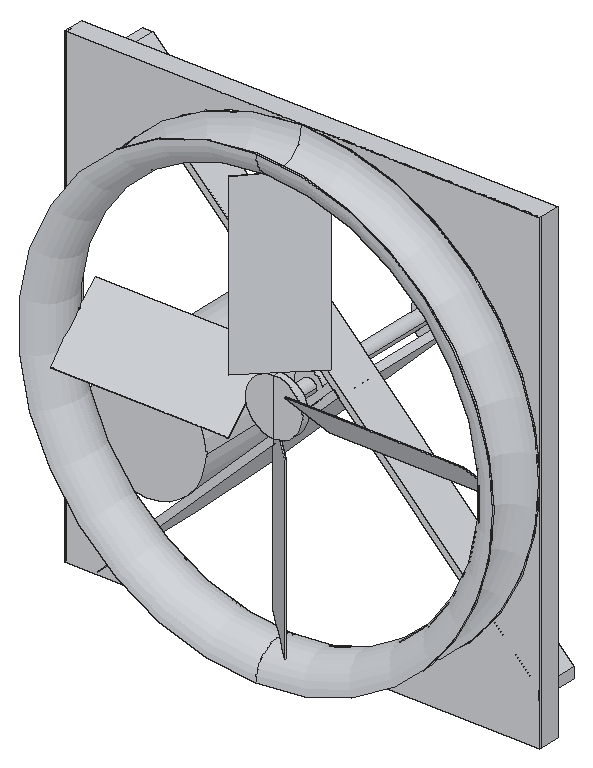
Revit family "XMW_SUPPLY", category Mechanical Equipment, Revit 2019
Family settings
  Round Connector Dimension = Use Diameter
  Part Type = Normal
  Work Plane-Based = No
  Always vertical = Yes
  Cut with Voids When Loaded = No
  Shared = No
  Room Calculation Point = No
Parameters (values of type "60_XMW_SUPPLY")
  Unit Weight [instance] = ""
  Sones [instance] = ""
  SIZE/2 = SIZE / 2  # 2' - 8 15/16"
  SIZE = D - 0' 0 1/8"  # 5' - 5 7/8"
  Motor RPM [instance] = ""
  Motor Enclosure [instance] = ""
  ModelID [instance] = ""
  MOTOR = D / 8  # 0' - 8 1/4"
  LwA [instance] = ""
  Fan RPM [instance] = ""
  D/2 = D / 2  # 2' - 9"
  D = 5' - 6"
  E/2 = E / 2  # 0' - 1 1/2"
  E = 0' - 3"
  C/2 = C / 2  # 0' - 3 15/16"
  C = 0' - 7 7/8"
  B/4 = B / 4  # 0' - 6 37/64"
  B/2 = B / 2  # 1' - 1 5/32"
  B-2.5" = B - 0' 2 1/2"  # 1' - 11 13/16"
  B = 2' - 2 5/16"
  Accessories [instance] = ""
  A/7 = A / 7  # 0' - 9.45536"
  A/3.5 = A / 3.5  # 1' - 6.91071"
  A/2 = A / 2  # 2' - 9 3/32"
  A = 5' - 6 3/16"
  9" = 0' - 9"  # constant formula
  45 = 45.00°
  4'6" = 4' - 6"  # constant formula
  3" = 0' - 3"  # constant formula
  Brake Hp [instance] = ""
  4" = 0' - 4"  # constant formula
  2E = E + E  # 0' - 6"
  2' = 2' - 0"
  2" = 0' - 2"  # constant formula
  1" = 0' - 1"  # constant formula
  0 = 0' - 0"  # constant formula
  Voltage [instance] = 0 V
  URL = "www.lorencook.com"
  Type Comments = "Medium Pressure Wall Supply Fan Steel Propeller Belt Drive"  # constant formula
  Static Pressure [instance] = 0.00 in-wg
  Power [instance] = Voltage * Motor FLA * sqrt(if(Phase = 3, 3, 1))  # 0 VA
  Phase [instance] = 0
  Number of Poles [instance] = 1
  Motor Hp [instance] = "0"
  Motor FLA [instance] = 0 A
  Model = "XMW_Supply"  # constant formula
  Manufacturer = "Loren Cook Company"
  CFM [instance] = 0 CFM
  1.5 = 0' - 1 1/2"  # constant formula
  1/2 = 0' - 0 1/2"  # constant formula
  ONE EIGTH = 0' - 0 1/8"  # constant formula
  -D = -E  # -0' - 3"
  -C/2 = -C / 2  # -0' - 3 15/16"
  -B+1" = -B + 0' 2"  # -2' - 0 5/16"
  -B = -B  # -2' - 2 5/16"
  -((SIZE/2)-.25") = -((SIZE / 2) - 0' 0 1/4")  # -2' - 8 11/16"
  -((A/2)-C-.5") = -((A / 2) - C - 0' 0 1/2")  # -2' - 0 23/32"
  (SIZE/2)-.25" = (SIZE / 2) - 0' 0 1/4"  # 2' - 8 11/16"
  (D_SUP/2)-(C/2)-.125" = (D / 2) - (C / 2) - 0' 0 1/8"  # 2' - 4 15/16"
  (A/2)-C-.5" = (A / 2) - C - 0' 0 1/2"  # 2' - 0 23/32"
  (A/2)-1" = (A / 2) - 0' 0 1/4"  # 2' - 8 27/32"
Types (9): name | SIZE/2 | SIZE | MOTOR | D/2 | D | E/2 | E | C/2 | C | B/4 | B/2 | B-2.5" | B | A/7 | A/3.5 | A/2 | A | 2E | -D | -C/2 | -B+1" | -B | -((SIZE/2)-.25") | -((A/2)-C-.5") | (SIZE/2)-.25" | (D_SUP/2)-(C/2)-.125" | (A/2)-C-.5" | (A/2)-1"
  (no name) | 2' - 8 15/16" | 5' - 5 7/8" | 0' - 8 1/4" | 2' - 9" | 5' - 6" | 0' - 1 1/2" | 0' - 3" | 0' - 3 15/16" | 0' - 7 7/8" | 0' - 6 37/64" | 1' - 1 5/32" | 1' - 11 13/16" | 2' - 2 5/16" | 0' - 9.45536" | 1' - 6.91071" | 2' - 9 3/32" | 5' - 6 3/16" | 0' - 6" | -0' - 3" | -0' - 3 15/16" | -2' - 0 5/16" | -2' - 2 5/16" | -2' - 8 11/16" | -2' - 0 23/32" | 2' - 8 11/16" | 2' - 4 15/16" | 2' - 0 23/32" | 2' - 8 27/32"
  24_XMW_SUPPLY | 1' - 2 15/16" | 2' - 5 7/8" | 0' - 3 3/4" | 1' - 3" | 2' - 6" | 0' - 1 1/2" | 0' - 3" | 0' - 3 3/8" | 0' - 6 3/4" | 0' - 4 49/64" | 0' - 9 17/32" | 1' - 4 9/16" | 1' - 7 1/16" | 0' - 4 5/16" | 0' - 8 5/8" | 1' - 3 3/32" | 2' - 6 3/16" | 0' - 6" | -0' - 3" | -0' - 3 3/8" | -1' - 5 1/16" | -1' - 7 1/16" | -1' - 2 11/16" | -0' - 7 27/32" | 1' - 2 11/16" | 0' - 11 1/2" | 0' - 7 27/32" | 1' - 2 27/32"
  30_XMW_SUPPLY | 1' - 5 15/16" | 2' - 11 7/8" | 0' - 4 1/2" | 1' - 6" | 3' - 0" | 0' - 1 1/2" | 0' - 3" | 0' - 3 3/8" | 0' - 6 3/4" | 0' - 4 49/64" | 0' - 9 17/32" | 1' - 4 9/16" | 1' - 7 1/16" | 0' - 5.16964" | 0' - 10.33929" | 1' - 6 3/32" | 3' - 0 3/16" | 0' - 6" | -0' - 3" | -0' - 3 3/8" | -1' - 5 1/16" | -1' - 7 1/16" | -1' - 5 11/16" | -0' - 10 27/32" | 1' - 5 11/16" | 1' - 2 1/2" | 0' - 10 27/32" | 1' - 5 27/32"
  36_XMW_SUPPLY | 1' - 8 15/16" | 3' - 5 7/8" | 0' - 5 1/4" | 1' - 9" | 3' - 6" | 0' - 1 1/2" | 0' - 3" | 0' - 3 11/16" | 0' - 7 3/8" | 0' - 4 49/64" | 0' - 9 17/32" | 1' - 4 9/16" | 1' - 7 1/16" | 0' - 6.02679" | 1' - 0.05357" | 1' - 9 3/32" | 3' - 6 3/16" | 0' - 6" | -0' - 3" | -0' - 3 11/16" | -1' - 5 1/16" | -1' - 7 1/16" | -1' - 8 11/16" | -1' - 1 7/32" | 1' - 8 11/16" | 1' - 5 3/16" | 1' - 1 7/32" | 1' - 8 27/32"
  42_XMW_SUPPLY | 1' - 11 15/16" | 3' - 11 7/8" | 0' - 6" | 2' - 0" | 4' - 0" | 0' - 1 1/2" | 0' - 3" | 0' - 3 25/32" | 0' - 7 9/16" | 0' - 5 11/64" | 0' - 10 11/32" | 1' - 6 3/16" | 1' - 8 11/16" | 0' - 6.88393" | 1' - 1.76786" | 2' - 0 3/32" | 4' - 0 3/16" | 0' - 6" | -0' - 3" | -0' - 3 25/32" | -1' - 6 11/16" | -1' - 8 11/16" | -1' - 11 11/16" | -1' - 4 1/32" | 1' - 11 11/16" | 1' - 8 3/32" | 1' - 4 1/32" | 1' - 11 27/32"
  48_XMW_SUPPLY | 2' - 2 15/16" | 4' - 5 7/8" | 0' - 6 3/4" | 2' - 3" | 4' - 6" | 0' - 1 1/2" | 0' - 3" | 0' - 3 15/16" | 0' - 7 7/8" | 0' - 6 37/64" | 1' - 1 5/32" | 1' - 11 13/16" | 2' - 2 5/16" | 0' - 7.74107" | 1' - 3.48214" | 2' - 3 3/32" | 4' - 6 3/16" | 0' - 6" | -0' - 3" | -0' - 3 15/16" | -2' - 0 5/16" | -2' - 2 5/16" | -2' - 2 11/16" | -1' - 6 23/32" | 2' - 2 11/16" | 1' - 10 15/16" | 1' - 6 23/32" | 2' - 2 27/32"
  54_XMW_SUPPLY | 2' - 5 15/16" | 4' - 11 7/8" | 0' - 7 1/2" | 2' - 6" | 5' - 0" | 0' - 1 1/2" | 0' - 3" | 0' - 3 7/8" | 0' - 7 3/4" | 0' - 6 37/64" | 1' - 1 5/32" | 1' - 11 13/16" | 2' - 2 5/16" | 0' - 8.59821" | 1' - 5.19643" | 2' - 6 3/32" | 5' - 0 3/16" | 0' - 6" | -0' - 3" | -0' - 3 7/8" | -2' - 0 5/16" | -2' - 2 5/16" | -2' - 5 11/16" | -1' - 9 27/32" | 2' - 5 11/16" | 2' - 2" | 1' - 9 27/32" | 2' - 5 27/32"
  60_XMW_SUPPLY | 2' - 8 15/16" | 5' - 5 7/8" | 0' - 8 1/4" | 2' - 9" | 5' - 6" | 0' - 1 1/2" | 0' - 3" | 0' - 3 15/16" | 0' - 7 7/8" | 0' - 6 37/64" | 1' - 1 5/32" | 1' - 11 13/16" | 2' - 2 5/16" | 0' - 9.45536" | 1' - 6.91071" | 2' - 9 3/32" | 5' - 6 3/16" | 0' - 6" | -0' - 3" | -0' - 3 15/16" | -2' - 0 5/16" | -2' - 2 5/16" | -2' - 8 11/16" | -2' - 0 23/32" | 2' - 8 11/16" | 2' - 4 15/16" | 2' - 0 23/32" | 2' - 8 27/32"
  20_XMW_SUPPLY | 0' - 11 15/16" | 1' - 11 7/8" | 0' - 3" | 1' - 0" | 2' - 0" | 0' - 1" | 0' - 2" | 0' - 2 5/8" | 0' - 5 1/4" | 0' - 4 49/64" | 0' - 9 17/32" | 1' - 4 9/16" | 1' - 7 1/16" | 0' - 3.45536" | 0' - 6.91071" | 1' - 0 3/32" | 2' - 0 3/16" | 0' - 4" | -0' - 2" | -0' - 2 5/8" | -1' - 5 1/16" | -1' - 7 1/16" | -0' - 11 11/16" | -0' - 6 11/32" | 0' - 11 11/16" | 0' - 9 1/4" | 0' - 6 11/32" | 0' - 11 27/32"
Reference planes (in)
  plane 1 "Center (Front/Back)": y = 0
  plane 2: z = 0
  plane 3 "Center (Left/Right)": x = 0.40541
Forms (in)
  Revolve 1, solid
    sketch origin (0.40541, 0, 0) x (0, 1, 0) y (0, 0, 1)
      loop
        line (-4.9375, 3.9375) -> (-4.9375, 0) -> (-3.9375, 0) -> (-3.9375, 3.9375) -> (-4.9375, 3.9375)
      axis (-4.9375, 0) -> (-3.9375, 0)
    angle from 0 to 360
  Extrusion 2, solid
    sketch origin (0.40541, 0, 0) x (0, 1, 0) y (0, 0, 1)
      loop
        line (0, -3.9375) -> (-7.875, 3.9375) -> (-7.96339, 3.84911) -> (-0.08839, -4.02589) -> (0, -3.9375)
    from 48 to 3.9375 <- "C/2"
  Extrusion 3, solid
    sketch origin (0.40541, 0, 0) x (0, 1, 0) y (-1, 0, 0)
      loop
        line (0, -3.9375) -> (-7.875, 3.9375) -> (-7.96339, 3.84911) -> (-0.08839, -4.02589) -> (0, -3.9375)
    from 48 to 3.9375 <- "C/2"
  Extrusion 4, solid
    sketch origin (0.40541, 0, 0) x (0, 1, 0) y (0, 0, -1)
      loop
        line (0, -3.9375) -> (-7.875, 3.9375) -> (-7.96339, 3.84911) -> (-0.08839, -4.02589) -> (0, -3.9375)
    from 48 to 3.9375 <- "C/2"
  Extrusion 5, solid
    sketch origin (0.40541, 0, 0) x (1, 0, 0) y (0, 1, 0)
      loop
        line (-3.9375, 0) -> (-4.02589, -0.08839) -> (3.84911, -7.96339) -> (3.9375, -7.875) -> (-3.9375, 0)
    from -48 to -3.9375 <- "-C/2"
  Extrusion 6, void
    sketch origin (0, 0, 0) x (1, 0, 0) y (0, 0, 1)
      loop
        circle (0.40541, 0) r 28.9375
      loop
        circle (0.40541, 0) r 54
    from 0 to 10
  Extrusion 7, solid
    sketch origin (0, 0, 0) x (1, 0, 0) y (0, 0, 1)
      loop
        line (-32.68834, 33.09375) -> (-32.68834, -33.09375) -> (33.49916, -33.09375) -> (33.49916, 33.09375) -> (-32.68834, 33.09375)
      loop
        circle (0.40541, 0) r 33
    from 0 to -0.125
  Extrusion 8, solid
    sketch origin (0, 0, 0) x (1, 0, 0) y (0, 0, 1)
      loop
        line (-32.68834, 33.09375) -> (-32.68834, -33.09375) -> (33.49916, -33.09375) -> (33.49916, 33.09375) -> (-32.68834, 33.09375)
      loop
        line (33.37416, -32.96875) -> (33.37416, 32.96875) -> (-32.56334, 32.96875) -> (-32.56334, -32.96875) -> (33.37416, -32.96875)
    from 0 to -3 <- "-D"
  Extrusion 9, solid
    sketch origin (0, 0, 0) x (1, 0, 0) y (0, 0, 1)
      loop
        circle (0.40541, 0) r 1
    from 2 to -26.3125 <- "-B"
  Revolve 10, solid
    sketch origin (0.40541, 0, 0) x (0, 1, 0) y (0, 0, 1)
      loop
        arc (-0.125, 33) -> (-4.0625, 29.0625) -> (-8, 33) r 3.9375
        line (-8, 33) -> (-8.125, 33)
        arc (-8.125, 33) -> (-4.0625, 28.9375) -> (0, 33) r 4.0625
        line (0, 33) -> (-0.125, 33)
      axis (-8.125, 0) -> (0, 0)
    angle from 0 to 360
  Extrusion 11, solid
    sketch origin (0, 0.125, 0) x (-1, 0, 0) y (0, 0, 1)
      loop
        line (-33.24916, -27.1869) -> (26.78148, 32.84375) -> (25.36727, 32.84375) -> (-33.24916, -25.77268) -> (-33.24916, -27.1869)
    from 0 to 6 <- "2E"
  Extrusion 12, solid
    sketch origin (0, 0.125, 0) x (-1, 0, 0) y (0, 0, 1)
      loop
        line (-5.35516, 0.70711) -> (28.1957, -32.84375) -> (29.60991, -32.84375) -> (-4.64805, 1.41421) -> (-5.35516, 0.70711)
    from 0 to 23.8125 <- "B-2.5""
  Extrusion 13, solid
    sketch origin (0, 0.125, 0) x (-1, 0, 0) y (0, 0, 1)
      loop
        circle (21.31334, -12.87992) r 8.25
    from 0 to 23.8125 <- "B-2.5""
  Extrusion 14, solid
    sketch origin (0, 23.9375, 0) x (-1, 0, 0) y (0, 0, 1)
      loop
        circle (21.31334, -12.87992) r 0.5
    from 0 to 2.5
  Extrusion 15, solid
    sketch origin (0, 23.9375, 0) x (-1, 0, 0) y (0, 0, 1)
      loop
        circle (-0.40541, 0) r 1
      loop
        line (-3.94095, 0.70711) -> (0.30169, -3.53553) -> (1.0088, -2.82843) -> (0.11223, -1.93185)
        arc (0.11223, -1.93185) -> (1.0088, 1.41421) -> (-2.33726, 0.51764) r 2
        line (-2.33726, 0.51764) -> (-3.23384, 1.41421) -> (-3.94095, 0.70711)
    from -2.5 to -1
  Extrusion 16, solid
    sketch origin (0, 0.125, 0) x (1, 0, 0) y (0, 0, 1)
      loop
        circle (0.40541, 0) r 1
      loop
        arc (2.33726, 0.51764) -> (-1.0088, 1.41421) -> (-0.11223, -1.93185) r 2
        line (-0.11223, -1.93185) -> (-1.0088, -2.82843) -> (-0.30169, -3.53553) -> (3.94095, 0.70711) -> (3.23384, 1.41421) -> (2.33726, 0.51764)
    from -2.5 to -1
  Extrusion 17, void
    sketch origin (4.64805, 0.125, 1.41421) x (0.707107, 0, 0.707107) y (0, -1, 0)
      loop
        line (-48.44808, -23.8125) -> (-40.19808, -23.8125) -> (-48.44808, -15.5625) -> (-48.44808, -23.8125)
    from 0 to 12
Cuts and joins
  Extrusion 6 cuts Revolve 1
  Extrusion 6 cuts Extrusion 2
  Extrusion 6 cuts Extrusion 3
  Extrusion 6 cuts Extrusion 4
  Extrusion 6 cuts Extrusion 5
  Extrusion 17 cuts Extrusion 12
Dimensions and locks (in)
  "0": Revolve 1 sketch curve to level  (x2)
  "C/2": Revolve 1 sketch curve to level
  "C/2": plane 1 "Center (Front/Back)" to Revolve 1 sketch curve
  "1"": Revolve 1 sketch curve to Revolve 1 sketch curve
  "0": Extrusion 2 sketch curve to plane 1 "Center (Front/Back)"
  "C": plane 1 "Center (Front/Back)" to Extrusion 2 sketch curve
  "C/2": Extrusion 2 sketch curve to level
  "C/2": level to Extrusion 2 sketch curve
  "ONE EIGTH": Extrusion 2 sketch curve to Extrusion 2 sketch curve
  "ONE EIGTH": Extrusion 3 sketch curve to Extrusion 3 sketch curve
  "ONE EIGTH": Extrusion 4 sketch curve to Extrusion 4 sketch curve
  "ONE EIGTH": Extrusion 5 sketch curve to Extrusion 5 sketch curve
  Extrusion 6 sketch curve to plane 3 "Center (Left/Right)" = 0' - 0"  (x2)
  level to Extrusion 6 sketch curve = 0' - 0"
  Extrusion 6 sketch curve to level = 0' - 0"
  "0": Extrusion 3 sketch curve to plane 1 "Center (Front/Back)"
  "C": Extrusion 3 sketch curve to plane 1 "Center (Front/Back)"
  "C/2": plane 3 "Center (Left/Right)" to Extrusion 3 sketch curve
  "C/2": Extrusion 3 sketch curve to plane 3 "Center (Left/Right)"
  "C": plane 1 "Center (Front/Back)" to Extrusion 4 sketch curve
  "0": Extrusion 4 sketch curve to plane 1 "Center (Front/Back)"
  "C/2": level to Extrusion 4 sketch curve
  "C/2": Extrusion 4 sketch curve to level
  "0": Extrusion 5 sketch curve to plane 1 "Center (Front/Back)"
  "C": Extrusion 5 sketch curve to plane 1 "Center (Front/Back)"
  "C/2": plane 3 "Center (Left/Right)" to Extrusion 5 sketch curve
  "C/2": Extrusion 5 sketch curve to plane 3 "Center (Left/Right)"
  "A/2": plane 3 "Center (Left/Right)" to Extrusion 7 sketch curve
  "A/2": Extrusion 7 sketch curve to plane 3 "Center (Left/Right)"
  "A/2": Extrusion 7 sketch curve to level
  "A/2": level to Extrusion 7 sketch curve
  "0": Extrusion 7 sketch curve to level
  "0": Extrusion 7 sketch curve to plane 3 "Center (Left/Right)"
  "ONE EIGTH": Extrusion 8 sketch curve to Extrusion 8 sketch curve  (x4)
  "A/2": plane 3 "Center (Left/Right)" to Extrusion 8 sketch curve  (x2)
  "A/2": level to Extrusion 8 sketch curve
  "A/2": Extrusion 8 sketch curve to level
  "0": Extrusion 9 sketch curve to level
  "0": Extrusion 9 sketch curve to plane 3 "Center (Left/Right)"
  "0": Revolve 10 sketch curve to level
  "D/2": Revolve 10 sketch curve to level  (x2)
  "C": Revolve 10 sketch curve to Revolve 10 sketch curve
  "ONE EIGTH": plane 1 "Center (Front/Back)" to Revolve 10 sketch curve
  "ONE EIGTH": Revolve 10 sketch curve to Revolve 10 sketch curve  (x2)
  "0": Revolve 10 sketch curve to Revolve 10 sketch curve
  "3"": Extrusion 9 to Extrusion 11 sketch curve
  "1"": Extrusion 11 sketch curve to Extrusion 11 sketch curve
  "ONE EIGTH": Extrusion 11 sketch curve to Extrusion 8
  "ONE EIGTH": Extrusion 8 to Extrusion 11 sketch curve
  "ONE EIGTH": Extrusion 8 to Extrusion 12 sketch curve
  "0": Extrusion 12 sketch curve to Extrusion 11
  "1"": Extrusion 12 sketch curve to Extrusion 12 sketch curve
  "1"": Extrusion 12 sketch curve to Extrusion 9
  "0": Extrusion 13 sketch curve to Extrusion 12
  "3"": Extrusion 13 sketch curve to Extrusion 8
  "MOTOR": Extrusion 14 sketch curve to Extrusion 12
  "MOTOR": Extrusion 14 sketch curve to Extrusion 13
  "0": Extrusion 15 sketch curve to plane 3 "Center (Left/Right)"
  "0": Extrusion 15 sketch curve to level
  "0": Extrusion 12 to Extrusion 15 sketch curve
  "1"": Extrusion 15 sketch curve to Extrusion 15 sketch curve  (x2)
  "3"": plane 3 "Center (Left/Right)" to Extrusion 15 sketch curve  (x2)
  "0": Extrusion 16 sketch curve to plane 3 "Center (Left/Right)"  (x2)
  "0": Extrusion 16 sketch curve to level  (x2)
  "3"": plane 3 "Center (Left/Right)" to Extrusion 16 sketch curve  (x2)
  "0": Extrusion 16 sketch curve to Extrusion 12
  "1"": Extrusion 16 sketch curve to Extrusion 16 sketch curve  (x2)
  "0": plane 3 "Center (Left/Right)" to Extrusion 15 sketch curve
  "0": level to Extrusion 15 sketch curve
  "0": Extrusion 17 sketch curve to Extrusion 12  (x2)
  "MOTOR": Extrusion 17 sketch curve to Extrusion 17 sketch curve  (x2)
  "(D_SUP/2)-(C/2)-.125"": radius of Extrusion 6 sketch curve
  "D/2": radius of Extrusion 7 sketch curve
  "1"": radius of Extrusion 9 sketch curve
  "4'6"": radius of Extrusion 6 sketch curve
  "MOTOR": radius of Extrusion 13 sketch curve
  "1/2": radius of Extrusion 14 sketch curve
  "1"": radius of Extrusion 15 sketch curve
  "2"": radius of Extrusion 16 sketch curve
  "1"": radius of Extrusion 16 sketch curve
  "2"": radius of Extrusion 15 sketch curve
  "45": angle Extrusion 11 sketch curve to plane 3 "Center (Left/Right)"
  "45": angle Extrusion 12 sketch curve to Extrusion 8
Automatic sketch dimensions
  Revolve 1 sketch curve to plane 1 "Center (Front/Back)" = 0' - 0"
  Revolve 1 sketch curve to Revolve 1 sketch curve = 2' - 2"
  plane 1 "Center (Front/Back)" to Revolve 10 sketch curve = 0' - 3 1/4"
  Revolve 10 sketch curve to Revolve 10 sketch curve = 0' - 1.44822"
Connectors (in)
  hvac at (0.40541, 3, 0), driven by "A", driven by "A", driven by "CFM"
    settings: on Extrusion 8, index 1, duct flow 0 CFM, flow factor 0, pres drop 0.00 in-wg, loss coef 0, conn angle 0.00°, conn width 66 3/16", conn height 66 3/16", conn diameter 24", duct sys type 1, conn prof type 1, flow config 0, flow direction 1, loss method 0, conn ref index -1, conn util no, is conn primary yes, conn desc ""
  electrical at (-21.31334, 0.125, -12.87992)
    settings: on Extrusion 13, index 2, voltage 0 V, apparent load 0 VA, apparent load phase1 0 VA, apparent load phase2 0 VA, apparent load phase3 0 VA, power factor 1, load classification "Other", number of poles 1, system type 30, power factor state 1, is connector primary yes, connector utility no, sub classification motor no, connector description ""
